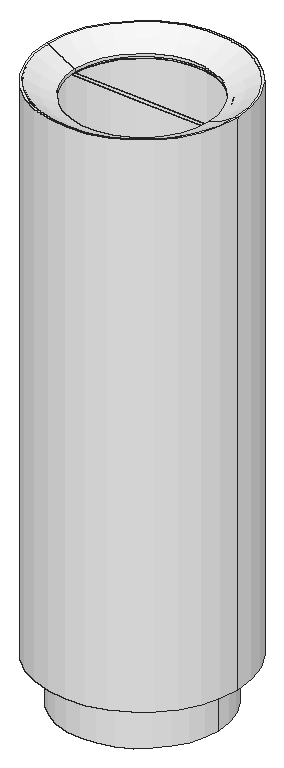
Revit family "MC10LED", category Lighting Fixtures, host Face, Revit 2012
Parameters (values of type "MC10LED - 30 Inch Housing")
  Wattage Comments = "40W"
  Wattage = 40 W
  built-in parameter 1150110 = 1 (stored number, unit not read)
  Voltage = if(Is 120V, 120 V, 277 V)  # 120 V
  URL = "http://www.prescolite.com/"
  built-in parameter 1114217 = 1 (stored number, unit not read)
  Tilt Angle = -90.00°
  built-in parameter 1150109 = 1 (stored number, unit not read)
  built-in parameter 1150134 = (empty or 0)
  built-in parameter 1150113 = 1 (stored number, unit not read)
  Product Page URL = "http://www.prescolite.com/products/mc10led"
  Product Documentation Link = "http://cdn.prescolite.com/content/products/specs/specs_files/lfo_led_014.pdf"
  Photometric Web File = "generic"
  built-in parameter 1150142 = (empty or 0)
  Model = "MC10LED"  # constant formula
  Manufacturer Phone = "864-678-1000"  # constant formula
  Manufacturer Fax = "866-898-0131"  # constant formula
  Manufacturer = "Prescolite"  # constant formula
  built-in parameter 1150105 = 477.46 (stored number, unit not read)
  Lumens = 6000 lm
  built-in parameter 1150115 = 1 (stored number, unit not read)
  Load Classification = Lighting
  built-in parameter 1150137 = (empty or 0)
  built-in parameter 1150139 = (empty or 0)
  built-in parameter 1150112 = 1 (stored number, unit not read)
  built-in parameter 1150114 = 1 (stored number, unit not read)
  Lamp = "LED Lamp"
  Is 277V = not(Is 120V)  # no
  Is 120V = yes
  built-in parameter 1150132 = 1
  built-in parameter 1150102 = (empty or 0)
  built-in parameter 1150107 = 3500 (stored number, unit not read)
  built-in parameter 1150138 = (empty or 0)
  built-in parameter 1150106 = 4.7746 (stored number, unit not read)
  Glass = Hubbell - White Glass
  Emit from Circle Diameter = 8.000"
  Emit Shape Visible in Rendering = no
  built-in parameter 1150104 = 13.935 (stored number, unit not read)
  Dimming Lamp Color Temperature Shift = <None>
  Description = "10 Inch High Lumen LED Cylinder"  # constant formula
  Default Elevation = 48.000"
  Housing = 26.750"
  Color Filter = 16777215
  built-in parameter 1114218 = 1 (stored number, unit not read)
  Backbox = Hubbell - Matt White
  built-in parameter 1150133 = 10 (stored number, unit not read)
  Apparent Load = 40 VA
Types (2): name | built-in parameter 1150105 | Lumens | built-in parameter 1150106 | built-in parameter 1150104 | Housing | Backbox
  MC10LED - 26 Inch Housing | 716.2 (stored number, unit not read) | 9000 lm | 7.162 (stored number, unit not read) | 20.903 (stored number, unit not read) | 23.500" | Hubbell - Matt Black
  MC10LED - 30 Inch Housing | 477.46 (stored number, unit not read) | 6000 lm | 4.7746 (stored number, unit not read) | 13.935 (stored number, unit not read) | 26.750" | Hubbell - Matt White
Reference planes (in)
  plane 1 "Center (Front/Back)": y = 0.03999
  plane 2: z = 0
  plane 3 "Center (Left/Right)": x = -13.37583
  plane 4: z = 2.25
  plane 5: x = -8.37583
  plane 6: x = -18.37583
  plane 7: x = -16.87583
  plane 8: x = -9.87583
  plane 9: z = 29
  plane 10: z = 2.69229
  plane 11: z = 2.77892
  plane 12: x = -13.62583
  plane 13: x = -18.27583
  plane 14: z = 28.17035
  plane 15: z = 28.27035
  plane 16: x = -17.13227
  plane 17: x = -17.03227
  plane 18: x = -17.03227
  plane 19: z = 28.12716
  plane 20: z = 27.96601
  plane 21: x = -17.37583
Forms (in)
  Revolve 1, solid, material "Hubbell - Matt White" <- "Backbox"
    sketch origin (0, 0.03999, 0) x (1, 0, 0) y (0, 0, 1)
      loop
        line (-18.37583, 29) -> (-18.37583, 2.25) -> (-18.17104, 2.25) -> (-18.17104, 2.52373)
        arc (-18.17104, 2.52373) -> (-18.12167, 2.64292) -> (-18.00248, 2.69229) r 0.16856
        line (-18.00248, 2.69229) -> (-13.62583, 2.69229) -> (-13.62583, 2.25) -> (-16.87583, 2.25)
        arc (-16.87583, 2.25) -> (-17.22939, 2.10355) -> (-17.37583, 1.75) r 0.5
        line (-17.37583, 1.75) -> (-17.37583, 0) -> (-13.37583, 0) -> (-13.37583, 2.77892) -> (-18.27583, 2.77892) -> (-18.27583, 28.92211)
        arc (-18.27583, 28.92211) -> (-17.65735, 28.56608) -> (-17.00787, 28.27035) r 7.51164
        line (-17.00787, 28.27035) -> (-17.13227, 28.27035) -> (-17.13227, 28.00201) -> (-17.03227, 28.00201) -> (-17.03227, 28.17035) -> (-16.87583, 28.17035) -> (-16.87583, 28.28985)
        arc (-16.87583, 28.28985) -> (-17.59396, 28.60798) -> (-18.27457, 29) r 7.44549
        line (-18.27457, 29) -> (-18.37583, 29)
      axis (-13.37583, 29) -> (-13.37583, 0)
    angle from 0 to 360
  Revolve 2, solid, material "Hubbell - White Glass" <- "Glass"
    sketch origin (0, 0.03999, 0) x (1, 0, 0) y (0, 0, 1)
      loop
        line (-17.03227, 27.96601) -> (-13.37583, 27.96601) -> (-13.37583, 28.12716) -> (-17.03227, 28.12716) -> (-17.03227, 27.96601)
      axis (-13.37583, 28.12716) -> (-13.37583, 27.96601)
    angle from 0 to 360
Lines and regions (in)
  reference lines
    curve 1: line (-18.27583, 0.03999, 28.77135) -> (-18.27583, 0.03999, 2.77892)
    curve 2: line (-18.19215, 0.03999, 2.25) -> (-18.19215, 0.03999, 2.5)
Dimensions and locks (in)
  equal spacing: plane 6, plane 3 "Center (Left/Right)", plane 5
  locked: plane 6 to plane 5 at 10
  equal spacing: plane 8, plane 3 "Center (Left/Right)", plane 7
  locked: plane 4 to plane 2 at 2.25
  "Housing": plane 9 to plane 4
  locked: plane 6 to plane 7 at 1.5
  locked: plane 10 to plane 4 at 0.44229
  locked: plane 16 to plane 13 at 1.14357
  locked: plane 11 to plane 10 at 0.08663
  locked: Revolve 1 sketch curve to plane 12 at 0.25
  locked: plane 17 to plane 16 at 0.1
  locked: plane 9 to plane 15 at 0.72965
  locked: plane 15 to plane 14 at 0.1
  locked: plane 9 to imposter light at 3.34985
  locked: plane 6 to plane 21 at 1
  locked: Revolve 1 sketch curve to Revolve 1 sketch curve at 0.20479
  locked: plane 20 to plane 19 at 0.16115
  locked: plane 19 to plane 9 at 0.87284
  aligned and locked: host face to plane 2
  aligned and locked: level to host face
  aligned and locked: plane 4 to Revolve 1 sketch curve
  aligned and locked: plane 6 to Revolve 1 sketch curve
  aligned and locked: Revolve 1 sketch curve to plane 3 "Center (Left/Right)"
  aligned and locked: Revolve 2 sketch curve to plane 3 "Center (Left/Right)"  (x2)
  aligned and locked: plane 3 "Center (Left/Right)" to imposter light
  aligned and locked: imposter light to plane 1 "Center (Front/Back)"
  aligned and locked: Revolve 1 sketch curve to plane 2
  aligned and locked: Revolve 1 sketch curve to plane 9
  aligned and locked: Revolve 1 sketch curve to plane 10
  aligned and locked: Revolve 1 sketch curve to plane 11
  aligned and locked: Revolve 1 sketch curve to plane 12
  aligned and locked: Revolve 1 sketch curve to plane 13
  aligned and locked: plane 14 to Revolve 1 sketch curve
  aligned and locked: plane 15 to Revolve 1 sketch curve
  aligned and locked: plane 16 to Revolve 1 sketch curve
  aligned and locked: plane 17 to Revolve 1 sketch curve
  aligned and locked: plane 18 to Revolve 2 sketch curve
  aligned and locked: plane 19 to Revolve 2 sketch curve
  aligned and locked: plane 20 to Revolve 2 sketch curve
  aligned and locked: Revolve 1 sketch curve to plane 21
  aligned and locked: Revolve 1 sketch curve to Revolve 1 sketch curve
Automatic sketch dimensions
  host sketch curve to host sketch curve = 96.000"  (x2)
  curve 2 to plane 4 = 0.000"
  curve 1 to plane 6 = 0.100"
  curve 2 to plane 6 = 0.18369"
  curve 2 to curve 2 = 0.250"
  curve 2 to curve 1 = 0.27892"
  curve 1 to plane 9 = 0.22865"
  Revolve 2 sketch curve to plane 9 = 2.46375"
  Revolve 2 sketch curve to plane 9 = 1.125"
  Revolve 1 sketch curve to Revolve 1 sketch curve = 0.000"  (x2)
  Revolve 1 sketch curve to plane 7 = 0.000"  (x2)
  plane 13 to Revolve 1 sketch curve = 0.00126"
  Revolve 1 sketch curve to Revolve 1 sketch curve = 0.16856"
  plane 17 to Revolve 1 sketch curve = 0.0244"
  Revolve 1 sketch curve to plane 12 = 0.59752"
  Revolve 1 sketch curve to Revolve 1 sketch curve = 0.99668"
  Revolve 1 sketch curve to plane 14 = 0.16835"
  Revolve 1 sketch curve to Revolve 1 sketch curve = 0.11949"
  Revolve 1 sketch curve to Revolve 1 sketch curve = 0.38249"
Connectors (in)
  electrical at (-13.37583, 0.03999, 0), driven by "Load Classification", driven by "Voltage", driven by "Apparent Load"
    settings: on Revolve 1, index 1, voltage 120 V, apparent load 40 VA, apparent load phase1 0 VA, apparent load phase2 0 VA, apparent load phase3 0 VA, power factor 1, load classification "Lighting", number of poles 1, system type 30, power factor state 1, is connector primary yes, connector utility no, sub classification motor no, connector description "Lighting Connector"
